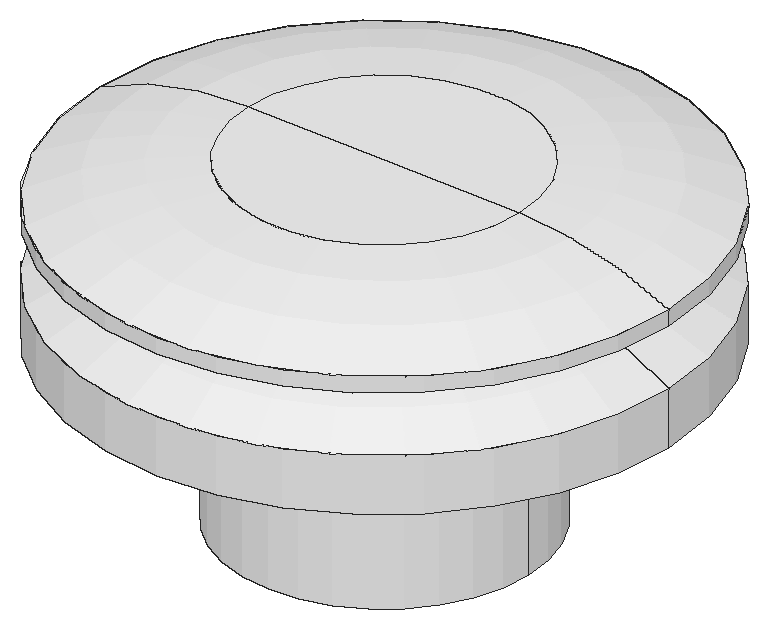
Revit family "CADS_Vent-Axia_DMEV C 100_125", category Mechanical Equipment, host Face, Revit 2017
Family settings
  Host = Face
  Round Connector Dimension = Use Diameter
  Part Type = Normal
  Cut with Voids When Loaded = No
  Shared = No
  Room Calculation Point = No
Parameters (values of type "NBR DMEV C 100")
  WorkingPressure = 0.00 in-wg
  WarrantyStartDate [instance] = "1900-12-31T23:59:59"
  WarrantyPeriod = ""
  WarrantyIdentifier = ""
  WarrantyGuarantorParts = "tech@vent-axia.com"
  WarrantyGuarantorLabor = "tech@vent-axia.com"
  WarrantyEndDate [instance] = "1900-12-31T23:59:59"
  WarrantyDurationUnit = "year"
  WarrantyDurationParts = "2"
  WarrantyDurationMotors = "5"
  WarrantyDurationLabor = "2"
  WarrantyDescription = "n/a"
  WarrantyContent = ""
  Version = "1.0"
  Type Image = <None>
  TemperatureRange = ""
  TagNumber [instance] = "n/a"
  SustainabilityPerformance = "n/a"
  Status = "New"
  Spigot Rad = 49.50 mm
  Spigot Length = -56.00 mm
  Spigot Dia = 100.00 mm
  Size [instance] = "135mm x 190mm x 190mm"
  Shape = "Square"
  ServiceLifeType = ""
  ServiceLifeDuration = ""
  SerialNumber [instance] = "n/a"
  ReplacementCost = "n/a"
  Reinforcement = "N/A"
  ReflectorMaterial = Vent-Axia_Chrome
  RatedVoltage = 230 V
  RatedCurrent = 0.05 A
  Quantity = 1
  ProductionYear = "2020"
  PressureCurve = ""
  PowerFactor = ""
  PointOfContact = ""
  Plot Main Unit Driver = ""
  NumberOfPoles = 1
  NominalWidth = 135.00 mm
  NominalLength = 190.00 mm
  NominalHeight = 190.00 mm
  NominalFrequencyRange = ""
  Name = "dMEV Unit"
  ModelReference = "NBR DMEV C 100"
  ModelNumber = "498095"
  Model = ModelNumber  # "498095"
  Material = "Die-cast aluminium"
  LongitudinalSeam = "N/A"
  Location [instance] = ""
  Lamp = ""
  IsExtendedWarranty = no
  InsulationStandardClass = ""
  InstallationDate [instance] = "1900-12-31T23:59:59"
  IfcExportType = "NOTDEFINED"  # constant formula
  IfcExportAs = "IfcFanType"  # constant formula
  IP_Code = ""
  HasProtectiveEarth = no
  GrossWeight = 0.00 kg
  Grade = "n/a"
  GlobalTradeItemNumber [instance] = ""
  Flow [instance] = 0 CFM
  Fitting Type = "Ignore"
  Finish = "n/a"
  Features = "n/a"
  Fansize = 90.00 mm
  ExpectedServiceLife = 0
  ExpectedLife = "n/a"
  Exclusions = ""
  DurationUnit = "year"
  DevelopedFor = "Vent-Axia"
  Description = ModelReference  # "NBR DMEV C 100"
  URL = "http://www.vent-axia.com"
  Manufacturer = "Vent-Axia Limited"
  LightFixtureMaterial = Vent-Axia_White
  DiffuserMaterial = Vent-Axia_Frosted
  Default Elevation = 1800.00 mm
  CreatedOn = "12-10-2020"
  CreatedBy = "bimcontent@cadspec.co.uk"
  Constituents = ""
  ConductorFunction = ""
  Color = "n/a"
  CodePerformance = "n/a"
  Category = "Pr_60_67_29_05:Axial flow fans"
  CADS_Index = 0
  BodyMaterial [instance] = Vent-Axia_White
  Body Rad = 97.50 mm
  Body Depth = 54.00 mm
  Body Connector = 37.00 mm
  BarCode [instance] = "n/a"
  AssetType = "Fixed"
  AssetIdentifier [instance] = "n/a"
  AssemblyPlace = "UNKNOWN"
  ArticleNumber [instance] = "N/A"
  Apparent Load = 5.5 VA
  AirflowRateRange = 0 CFM
  AccessibilityPerformance = "n/a"
Types (4, lengths in mm): name | Spigot Rad | Spigot Length | Spigot Dia | ModelReference | ModelNumber | Model | Description | Body Rad | Body Depth | Body Connector
  NBR DMEV C 100 | 49.50 | -56.00 | 100.00 | "NBR DMEV C 100" | "498095" | "498095" | "NBR DMEV C 100" | 97.50 | 54.00 | 37.00
  NBR DMEV C 100HT | 49.50 | -56.00 | 100.00 | "NBR DMEV C 100HT" | "498096" | "498096" | "NBR DMEV C 100HT" | 97.50 | 54.00 | 37.00
  NBR DMEV C 125 | 62.00 | -75.00 | 125.00 | "NBR DMEV C 125" | "498097" | "498097" | "NBR DMEV C 125" | 109.00 | 57.00 | 43.00
  NBR DMEV C 125HT | 62.00 | -75.00 | 125.00 | "NBR DMEV C 125HT" | "498098" | "498098" | "NBR DMEV C 125HT" | 109.00 | 57.00 | 43.00
Reference planes
  plane 1 "Center (Front/Back)": y = -25.54
  plane 2: z = 0
  plane 3 "Center (Left/Right)": x = -0.094
  plane 4: z = -198
  plane 5: z = 54
  plane 6: x = -46.749
  plane 7: z = 31
  plane 8: z = 42.31
  plane 9: x = 97.406
  plane 10: y = -123.04
  plane 11: y = 71.96
  plane 12: z = 37.31
  plane 13: x = -97.594
  plane 14: x = -37.094
  plane 15: y = -62.54
  plane 16: x = -37.094
  plane 17: y = 11.46
  plane 18: x = 36.906
  plane 19: y = -62.54
  plane 20: x = 36.906
  plane 21: y = 11.46
Forms (mm)
  Extrusion 1, solid, material "Vent-Axia_White" <- "BodyMaterial"
    sketch origin (0, 0, 0) x (1, 0, 0) y (0, 1, 0)
      loop
        circle (-0.094, -25.54) r 49.5
    from -56 <- "Spigot Length" to 0
  Revolve 2, solid, material "Vent-Axia_White" <- "BodyMaterial"
    sketch origin (0, -25.54, 0) x (1, 0, 0) y (0, 0, 1)
      loop
        line (-0.094, 54) -> (-0.094, 42.31) -> (97.406, 42.31)
        arc (97.406, 42.31) -> (72.567, 51.04) -> (46.406, 54) r 117.094
        line (46.406, 54) -> (-0.094, 54)
      axis (-0.094, 54) -> (-0.094, 42.31)
    angle from 0 to 360
  Extrusion 3, solid, material "Vent-Axia_White" <- "BodyMaterial"
    sketch origin (2.187, 0, 15) x (1, 0, 0) y (0, 1, 0)
      loop
        circle (-39.282, -62.54) r 5
      loop
        circle (-39.282, 11.46) r 5
      loop
        circle (34.718, -62.54) r 5
      loop
        circle (34.718, 11.46) r 5
    from 16 to 22.31
  Revolve 4, solid, material "Vent-Axia_White" <- "BodyMaterial"
    sketch origin (0, -25.54, 0) x (1, 0, 0) y (0, 0, 1)
      loop
        line (-0.094, 31) -> (-0.094, 0) -> (97.406, 0) -> (97.406, 18)
        arc (97.406, 18) -> (77.128, 27.677) -> (54.906, 31) r 75.971
        line (54.906, 31) -> (-0.094, 31)
      axis (-0.094, 31) -> (-0.094, 0)
    angle from 0 to 360
  Revolve 5, solid, material "Vent-Axia_White" <- "BodyMaterial"
    sketch origin (0, -25.54, 0) x (1, 0, 0) y (0, 0, 1)
      loop
        line (-0.094, 37.31) -> (97.406, 37.31) -> (97.406, 42.31) -> (-0.094, 42.31) -> (-0.094, 37.31)
      axis (-0.094, 42.31) -> (-0.094, 37.31)
    angle from 0 to 360
Dimensions and locks
  plane 6 to plane 3 "Center (Left/Right)" = 46.655 mm
  "Body Depth": plane 5 to host face
  plane 7 to host face = 31.00 mm
  "Body Rad": plane 9 to plane 3 "Center (Left/Right)"
  locked: plane 12 to host face at 37.31
  locked: plane 8 to host face at 42.31
  equal spacing: plane 13, plane 3 "Center (Left/Right)", plane 9
  plane 13 to plane 3 "Center (Left/Right)" = 97.50 mm
  plane 13 to plane 9 = 195.00 mm
  "Body Connector": plane 14 to plane 3 "Center (Left/Right)"
  "Body Connector": plane 15 to plane 1 "Center (Front/Back)"
  "Body Connector": plane 16 to plane 3 "Center (Left/Right)"
  "Body Connector": plane 3 "Center (Left/Right)" to plane 20
  "Body Connector": plane 21 to plane 1 "Center (Front/Back)"
  "Body Connector": plane 3 "Center (Left/Right)" to plane 18
  "Body Connector": plane 19 to plane 1 "Center (Front/Back)"
  "Body Connector": plane 17 to plane 1 "Center (Front/Back)"
  "Spigot Rad": radius of Extrusion 1 sketch curve
  aligned and locked: plane 2 to host face
  aligned and locked: level to host face
Automatic sketch dimensions
  host sketch curve to host sketch curve = 2438.40 mm
  host sketch curve to host sketch curve = 2724.753 mm
  Revolve 4 sketch curve to plane 3 "Center (Left/Right)" = 0.00 mm  (x2)
  Revolve 4 sketch curve to plane 7 = 0.00 mm
  plane 9 to Revolve 4 sketch curve = 0.00 mm
  Revolve 4 sketch curve to level = 0.00 mm  (x2)
  plane 9 to Revolve 4 sketch curve = 42.50 mm
  Revolve 4 sketch curve to level = 44.971 mm
  plane 5 to Revolve 4 sketch curve = 79.469 mm
  Revolve 2 sketch curve to plane 3 "Center (Left/Right)" = 0.00 mm  (x2)
  Revolve 2 sketch curve to plane 5 = 0.00 mm
  Revolve 2 sketch curve to plane 8 = 0.00 mm
  plane 9 to Revolve 2 sketch curve = 0.00 mm
  Revolve 2 sketch curve to Revolve 2 sketch curve = 46.50 mm
  Revolve 2 sketch curve to plane 7 = 4.00 mm
  plane 5 to Revolve 2 sketch curve = 40.00 mm
  Revolve 5 sketch curve to plane 3 "Center (Left/Right)" = 0.00 mm  (x2)
  plane 9 to Revolve 5 sketch curve = 0.00 mm
  Revolve 5 sketch curve to plane 12 = 0.00 mm
  Revolve 5 sketch curve to plane 8 = 0.00 mm
  level to Revolve 5 sketch curve = 6.646 mm
  plane 5 to Revolve 5 sketch curve = 7.646 mm
  plane 1 "Center (Front/Back)" to Extrusion 1 sketch curve = 0.00 mm
  Extrusion 1 sketch curve to plane 3 "Center (Left/Right)" = 0.00 mm
  Extrusion 3 sketch curve to plane 14 = 0.00 mm  (x2)
  plane 17 to Extrusion 3 sketch curve = 0.00 mm  (x2)
  Extrusion 3 sketch curve to plane 18 = 0.00 mm  (x2)
  plane 15 to Extrusion 3 sketch curve = 0.00 mm  (x2)
  radius of Extrusion 3 sketch curve = 5.00 mm  (x4)
Connectors
  hvac at (-0.094, -25.54, -56), driven by "Flow", driven by "Spigot Dia"
    settings: on Extrusion 1, index 1, duct flow 0 CFM, flow factor 0, pres drop 0.00 in-wg, loss coef 0, conn angle 0.00°, conn width 12", conn height 12", conn diameter 3.93701", duct sys type 3, conn prof type 0, flow config 1, flow direction 2, loss method 0, conn ref index -1, conn util no, is conn primary yes, conn desc ""
